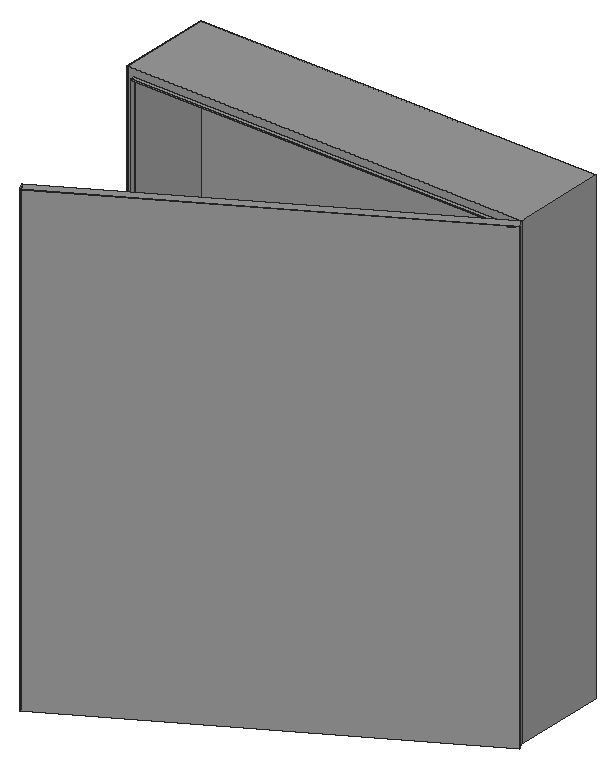
Revit family "Hager-Univers-IP54-D205-H950-Cl.I-Encl-NoHosted-CH-en", category Equipement électrique, Revit 2020
Family settings
  Configuration du panneau = Deux colonnes, circuits au sein
  Cote de connecteur circulaire = Utiliser le diamètre
  Type d'élément = Tableau de raccordement
  Basée sur le plan de construction = Oui
  Toujours verticalement = Oui
  Couper avec des vides une fois chargée = Non
  Partagée = Non
  Point de calcul de pièce = Non
Parameters (values of type "Surface mounted (plaster) IP54 W800 H950 D205  - FP63TW2")
  Width Control [instance] = if([EF000008 - Width] > Min Width, [EF000008 - Width], Min Width)  # 800 mm
  Commentaires du type = [HG000003 - Range]  # "Univers"
  Thickness Door [instance] = if([EF009171 - Material plate thickness door/cover] > 3 mm, 3 mm, [EF009171 - Material plate thickness door/cover])  # 1 mm
  Seal Frame Offset [instance] = 17 mm  # constant formula
  Plinth Visibility [instance] = [HG000027 - Plinth height] > 0 mm  # no
  Min Width [instance] = 100 mm  # constant formula
  Min Depth [instance] = (2 * [EF009170 - Material plate thickness cabinet]) + 1 mm  # 3 mm
  Min Height [instance] = 100 mm  # constant formula
  Internal Frame Depth [instance] = (Door System Depth * 0.5)  # 9 mm
  Panel Name [instance] = ""  # (empty or 0)
  Model = ""
  HG000027 - Plinth height = 0 mm
  HG000026 - Floor standing = no
  HG000024 - Bottom section height = 600 mm
  HG000023 - Double section enclosure = no
  HG000016 - Door 3d visibility [instance] = yes
  HG000015 - Clearance visibility [instance] = no
  HG000014 - Door on the right [instance] = yes
  HG000013 - Door on the left [instance] = not([HG000014 - Door on the right])  # no
  HG000012 - Door swing angle [instance] = 30.00°
  HG000010 - Asymmetric doors = no
  HG000009 - Double swing door = no
  HG000006 - Flush mounted = no
  HG000004 - Manufacturer reference = "FP63TW2"
  HG000003 - Range = "Univers"
  HG000002 - With door or cover = yes
  Frame Offset Bottom [instance] = 10 mm  # constant formula
  Frame Offset [instance] = 15 mm  # constant formula
  EF015940 - Cover with overpressure release = no
  EF011959 - Degree of protection (NEMA) = ""
  EF009554 - Number of openings for flange plates = 6
  EF009212 - Cover model = "EV000116 - Closed"
  EF009171 - Material plate thickness door/cover = 1 mm
  EF009170 - Material plate thickness cabinet = 1 mm
  EF008873 - Nominal current (In) = 250 A
  EF007800 - Suitable for lightning protection = no
  EF006306 - With lock = no
  EF006244 - Transparent cover/door = no
  EF005474 - Degree of protection (IP) = "EV006419 - IP54"
  EF004464 - Type of door = "EV002646 - Single"
  EF004427 - Number of modules = 216
  EF004293 - Impact strength = "EV006815 - IK09"
  EF003532 - Suitable for outdoor use = no
  EF002950 - Width in number of modular spacings = 36
  EF001613 - Circuit integrity = "EV000494 - None"
  EF001596 - Material housing = "EV000179 - Steel"
  EF001131 - Internal depth = 130 mm
  EF001088 - Extension possible = yes
  EF000437 - Number of conduit inlets = 6
  EF000339 - Type of cover = "EV001012 - Cover"
  EF000266 - Number of rows = 6
  EF000218 - Built-in depth = 205 mm
  EF000118 - With mounting plate = no
  EF000116 - RAL-number = "9010"
  EF000049 - Depth = 205 mm
  EF000040 - Height = 950 mm
  EF000008 - Width = 800 mm
  EF000007 - Colour = "EV000202 - White"
  EF000003 - Mounting method = "EV000384 - Surface mounted (plaster)"
  Door System Leaf Tolerance [instance] = 1.5 mm  # constant formula
  Door System Depth [instance] = 18 mm  # constant formula
  Door Height [instance] = Height Control - [HG000027 - Plinth height]  # 950 mm
  Description = ""
  Default Elevation = 1219.2 mm
  Connector Offset [instance] = Height Control / 2  # 475 mm
  Fabricant = "Hager"  # constant formula
  Height Control [instance] = if([EF000040 - Height] > Min Height, [EF000040 - Height], Min Height)  # 950 mm
  Depth Control [instance] = if([EF000049 - Depth] > Min Depth, [EF000049 - Depth], Min Depth)  # 205 mm
  Bottom Top Plate Trim [instance] = 1.5 mm  # constant formula
  Plinth height Ctrl [instance] = if([HG000027 - Plinth height] > 0 mm, [HG000027 - Plinth height], 12 mm)  # 12 mm
Types (5, lengths in mm): name | Width Control | HG000004 - Manufacturer reference | EF009554 - Number of openings for flange plates | EF004464 - Type of door | EF004427 - Number of modules | EF002950 - Width in number of modular spacings | EF000437 - Number of conduit inlets | EF000008 - Width
  Surface mounted (plaster) IP54 W1050 H950 D205  - FP64TW2 | 1050 | "FP64TW2" | 8 | "EV003602 - Double" | 288 | 48 | 8 | 1050
  Surface mounted (plaster) IP54 W1300 H950 D205  - FP65TW2 | 1300 | "FP65TW2" | 10 | "EV003602 - Double" | 360 | 60 | 10 | 1300
  Surface mounted (plaster) IP54 W300 H950 D205  - FP61TW2 | 300 | "FP61TW2" | 2 | "EV002646 - Single" | 72 | 12 | 2 | 300
  Surface mounted (plaster) IP54 W550 H950 D205  - FP62TW2 | 550 | "FP62TW2" | 4 | "EV002646 - Single" | 144 | 24 | 4 | 550
  Surface mounted (plaster) IP54 W800 H950 D205  - FP63TW2 | 800 | "FP63TW2" | 6 | "EV002646 - Single" | 216 | 36 | 6 | 800
Reference planes
  plane 1 "Center (Front/Back)": y = 0
  plane 2: z = 0
  plane 3 "Center (Left/Right)": x = 0
  plane 4: y = 0
  plane 5: y = 0
  plane 6: z = 0
  plane 7: x = -400
  plane 8: x = 400
  plane 9: x = 399
  plane 10: x = -399
  plane 11: z = 0
  plane 12: z = 1
  plane 13: y = -205
  plane 14: y = -1
  plane 15: x = 0
  plane 16: y = -187
  plane 17: y = -204
  plane 18: y = -186
  plane 19: x = -384
  plane 20: x = 384
  plane 21: z = 11
  plane 22: x = -383
  plane 23: x = 383
  plane 24: z = 0
  plane 25: z = 950
  plane 26: z = 950
  plane 27: z = 934
  plane 28: z = 949
Forms (mm)
  Extrusion 1, solid, material "Hager_Steel_RAL7035_Light_Grey", detail levels medium+fine
    sketch origin (-208.679, -4572, 0) x (-1, 0, 0) y (0, -1, 0)
      loop
        line (191.321, -4385) -> (-608.679, -4385) -> (-608.679, -4572) -> (191.321, -4572) -> (191.321, -4385)
    from 0 to 950
  Extrusion 2, void
    sketch origin (-350.771, -205, 1219.2) x (1, 0, 0) y (0, 0, 1)
      loop
        line (-48.229, -270.2) -> (-48.229, -1218.2) -> (749.771, -1218.2) -> (749.771, -270.2) -> (-48.229, -270.2)
    from -19 to -204
  Extrusion 3, void
    sketch origin (-290.084, -187, 1219.2) x (1, 0, 0) y (0, 0, 1)
      loop
        line (-93.916, -1208.2) -> (674.084, -1208.2) -> (674.084, -285.2) -> (-93.916, -285.2) -> (-93.916, -1208.2)
    from 0 to -1
  Extrusion 4, solid, material "Hager_Steel_RAL7035_Light_Grey", visible <- "Plinth Visibility", detail levels medium+fine
    sketch origin (0, 0, 0) x (1, 0, 0) y (0, 1, 0)
      loop
        line (-400, 0) -> (-400, -187) -> (400, -187) -> (400, 0) -> (-400, 0)
    from 0 to 12 <- "Plinth height Ctrl"
  Extrusion 5, solid, material "Hager_Steel_RAL7035_Light_Grey", detail levels coarse
    sketch origin (0, 0, 0) x (1, 0, 0) y (0, 1, 0)
      loop
        line (-400, 0) -> (-400, -205) -> (400, -205) -> (400, 0) -> (-400, 0)
    from 0 to 950 <- "Height Control"
  Sweep 6, void
    path in 3D
      loop
        line (-400, -187, 12) -> (400, -187, 12) -> (400, 0, 12) -> (-400, 0, 12) -> (-400, -187, 12)
    profile origin (-400, -93.5, 12) x (1, 0, 0) y (0, 0, 1)
      loop
        line (0, 0) -> (0, -1.5) -> (1.5, -1.5)
        arc (1.5, -1.5) -> (1.061, -0.439) -> (0, 0) r 1.5
  Extrusion 7, solid, material "Hager_Steel_RAL7035_Light_Grey", detail levels fine
    sketch origin (-400, -187, 0) x (1, 0, 0) y (0, 0, 1)
      loop
        line (16, 11) -> (784, 11) -> (784, 934) -> (16, 934) -> (16, 11)
      loop
        line (15, 10) -> (785, 10) -> (785, 935) -> (15, 935) -> (15, 10)
    from 0 to 9 <- "Internal Frame Depth"
Cuts and joins
  Extrusion 2, Extrusion 3 cuts Extrusion 1
  Sweep 6 cuts Extrusion 4
Lines and regions (mm)
  Masking region 1
    outline origin (0, 0, 0) x (1, 0, 0) y (0, 1, 0)
      loop
        line (-400, 0) -> (-400, -205) -> (400, -205) -> (400, 0) -> (-400, 0)
  Masking region 2, detail levels coarse
    outline origin (-290.084, -187, 1219.2) x (-1, 0, 0) y (0, 0, 1)
      loop
        line (-690.084, -1219.2) -> (109.916, -1219.2) -> (109.916, -269.2) -> (-690.084, -269.2) -> (-690.084, -1219.2)
  Masking region 3, detail levels coarse
    outline origin (0, 0, 0) x (0, 1, 0) y (0, 0, 1)
      loop
        line (0, 0) -> (0, 950) -> (-205, 950) -> (-205, 0) -> (0, 0)
  Masking region 4, visible <- "Plinth Visibility", detail levels medium+fine
    outline origin (0, 0, 0) x (0, 1, 0) y (0, 0, 1)
      loop
        line (-1.5, 12) -> (-185.5, 12)
        arc (-185.5, 12) -> (-185.939, 10.939) -> (-187, 10.5) r 1.5
        line (-187, 10.5) -> (-187, 0) -> (0, 0) -> (0, 10.5)
        arc (0, 10.5) -> (-1.061, 10.939) -> (-1.5, 12) r 1.5
  Masking region 5, detail levels medium+fine
    outline origin (0, 0, 594.038) x (0, 1, 0) y (0, 0, 1)
      loop
        line (0, -594.038) -> (0, 355.962) -> (-187, 355.962) -> (-187, -594.038) -> (0, -594.038)
  Masking region 6, detail levels medium+fine
    outline origin (-359.7, -187, 1211.883) x (-1, 0, 0) y (0, 0, 1)
      loop
        line (-759.7, -1211.883) -> (40.3, -1211.883) -> (40.3, -261.883) -> (-759.7, -261.883) -> (-759.7, -1211.883)
  Masking region 7, visible <- "Plinth Visibility", detail levels medium+fine
    outline origin (-320.334, -187, 1041.368) x (-1, 0, 0) y (0, 0, 1)
      loop
        line (-720.334, -1041.368) -> (79.666, -1041.368) -> (79.666, -1030.868)
        arc (79.666, -1030.868) -> (78.606, -1030.429) -> (78.166, -1029.368) r 1.5
        line (78.166, -1029.368) -> (-718.834, -1029.368)
        arc (-718.834, -1029.368) -> (-719.273, -1030.429) -> (-720.334, -1030.868) r 1.5
        line (-720.334, -1030.868) -> (-720.334, -1041.368)
  sketch lines
    curve 1: line (-400, 0, 12) -> (-400, -187, 12)
    curve 2: line (-400, -187, 12) -> (400, -187, 12)
    curve 3: line (400, 0, 12) -> (-400, 0, 12)
    curve 4: line (400, -187, 12) -> (400, 0, 12)
Dimensions and locks
  locked: plane 1 "Center (Front/Back)" to plane 5
  "EF009170 - Material plate thickness cabinet": plane 7 to plane 10
  "EF009170 - Material plate thickness cabinet": plane 8 to plane 9
  equal spacing: plane 7, plane 3 "Center (Left/Right)", plane 8
  "Width Control": plane 7 to plane 8
  "Depth Control": plane 4 to plane 13
  "EF009170 - Material plate thickness cabinet": plane 4 to plane 14
  "Height Control": plane 25 to level
  "HG000027 - Plinth height": plane 11 to level
  "EF009170 - Material plate thickness cabinet": plane 12 to plane 11
  "EF009170 - Material plate thickness cabinet": plane 17 to plane 13
  "EF009170 - Material plate thickness cabinet": plane 18 to plane 16
  "Frame Offset Bottom": plane 21 to plane 12
  "Frame Offset": plane 10 to plane 19
  "Frame Offset": plane 9 to plane 20
  "Door System Depth": plane 16 to plane 13
  "Seal Frame Offset": plane 7 to plane 22
  "Seal Frame Offset": plane 8 to plane 23
  "EF009170 - Material plate thickness cabinet": plane 26 to plane 28
  "Frame Offset": plane 28 to plane 27
  "Connector Offset": plane 2 to connector elem
  "Bottom Top Plate Trim": profile plane to Sweep 6 sketch curve
  "Bottom Top Plate Trim": Sweep 6 sketch curve to Sweep 6 sketch curve
  "Plinth height Ctrl": Masking region 4 sketch curve to level
  "Plinth height Ctrl": Masking region 7 sketch curve to level
  "Thickness Door": Extrusion 7 sketch curve to Extrusion 7 sketch curve  (x4)
  "Bottom Top Plate Trim": radius of Sweep 6 sketch curve
  "Bottom Top Plate Trim": radius of Masking region 4 sketch curve  (x2)
  "Bottom Top Plate Trim": radius of Masking region 7 sketch curve  (x2)
  aligned and locked: Extrusion 2 sketch curve to plane 12
  aligned and locked: Extrusion 2 sketch curve to plane 9
  aligned and locked: Extrusion 2 sketch curve to plane 10
  aligned and locked: Extrusion 2 to plane 14
  aligned and locked: Extrusion 1 sketch curve to plane 4
  aligned and locked: plane 8 to Extrusion 1 sketch curve
  aligned and locked: plane 7 to Extrusion 1 sketch curve
  aligned and locked: Extrusion 2 to plane 18
  aligned and locked: Extrusion 3 sketch curve to plane 19
  aligned and locked: plane 20 to Extrusion 3 sketch curve
  aligned and locked: Extrusion 3 to Extrusion 2
  aligned and locked: Extrusion 3 sketch curve to plane 21
  aligned and locked: plane 3 "Center (Left/Right)" to nested 1
  aligned and locked: Extrusion 1 sketch curve to plane 16
  aligned and locked: Extrusion 4 sketch curve to cut or joined group of Extrusion 1, Extrusion 2, Extrusion 3
  aligned and locked: Masking region 1 sketch curve to plane 7
  aligned and locked: Masking region 1 sketch curve to plane 5
  aligned and locked: Masking region 1 sketch curve to plane 8
  aligned and locked: Masking region 2 sketch curve to level
  aligned and locked: level to Masking region 3 sketch curve
  aligned and locked: plane 1 "Center (Front/Back)" to Masking region 3 sketch curve
  aligned and locked: plane 13 to Masking region 3 sketch curve
  aligned and locked: plane 5 to Masking region 4 sketch curve
  aligned and locked: Masking region 2 sketch curve to plane 8
  aligned and locked: Masking region 2 sketch curve to plane 7
  aligned and locked: plane 7 to nested 2
  aligned and locked: nested 2 to plane 5
  aligned and locked: plane 5 to Masking region 5 sketch curve
  aligned and locked: plane 26 to Masking region 5 sketch curve
  aligned and locked: Extrusion 5 sketch curve to plane 8
  aligned and locked: Extrusion 5 sketch curve to plane 7
  aligned and locked: Extrusion 5 sketch curve to plane 5
  aligned and locked: Extrusion 3 sketch curve to plane 27
  aligned and locked: Extrusion 2 sketch curve to plane 28
  aligned and locked: Masking region 2 to plane 25
  aligned and locked: Extrusion 4 to plane 16
  aligned and locked: profile plane to Sweep 6 sketch curve
  aligned and locked: Masking region 5 sketch curve to plane 24
  aligned and locked: level to Masking region 4 sketch curve
  aligned and locked: Masking region 1 to plane 13
  aligned and locked: nested 1 to plane 16
  aligned and locked: Masking region 3 to plane 25
  aligned and locked: plane 16 to Masking region 4 sketch curve
  aligned and locked: Masking region 5 sketch curve to plane 16
  aligned and locked: plane 24 to plane 11
  aligned and locked: plane 26 to plane 25
  aligned and locked: plane 26 to cut or joined group of Extrusion 1, Extrusion 2, Extrusion 3
  aligned and locked: nested 1 to plane 24
  aligned and locked: Extrusion 1 to Extrusion 3
  aligned and locked: Masking region 6 sketch curve to plane 8
  aligned and locked: Masking region 6 sketch curve to plane 24
  aligned and locked: Masking region 6 sketch curve to plane 7
  aligned and locked: Masking region 6 sketch curve to plane 26
  aligned and locked: Masking region 7 sketch curve to plane 7
  aligned and locked: level to Masking region 7 sketch curve
  aligned and locked: Masking region 7 sketch curve to plane 8
  aligned and locked: Extrusion 7 sketch curve to cut or joined group of Extrusion 1, Extrusion 2, Extrusion 3  (x4)
Automatic sketch dimensions
  plane 19 to Extrusion 3 sketch curve = 0 mm
  Extrusion 3 sketch curve to plane 20 = 0 mm
  Extrusion 3 sketch curve to plane 21 = 0 mm
  Extrusion 4 sketch curve to plane 7 = 0 mm
  Extrusion 4 sketch curve to plane 8 = 0 mm
  Extrusion 4 sketch curve to plane 16 = 0 mm
  Masking region 1 sketch curve to plane 13 = 0 mm
  Masking region 2 sketch curve to plane 25 = 0 mm
  Masking region 3 sketch curve to plane 25 = 0 mm
  Extrusion 5 sketch curve to plane 13 = 0 mm
  profile plane to Sweep 6 sketch curve = 0 mm
Nested families
  nested 1: "EC000058_Univers_Door" at (0, -187, 0), Double <- "HG000009 - Double swing door", Transparent <- "EF006244 - Transparent cover/door", Angle <- "HG000012 - Door swing angle", Door_Right <- "HG000014 - Door on the right", Assymetrical <- "HG000010 - Asymmetric doors", Door <- "HG000002 - With door or cover", Width_Ctrl <- "Width Control", 3d_Door <- "HG000016 - Door 3d visibility", Clearance <- "HG000015 - Clearance visibility", Door_Left <- "HG000013 - Door on the left", Width <- "Width Control", Door_Depth <- "Door System Depth", Leaf_Tolerance <- "Door System Leaf Tolerance", Height <- "Door Height", Lock_Visibility <- "EF006306 - With lock", Thickness <- "Thickness Door", type "EC000058_Univers_Door", detail levels medium+fine
    with min_wh 3 mm, Width_Ctrl 800 mm, Width 800 mm, Transparent no, Thickness 1 mm, Seal_Material Hager_Rubber, Lock_Visibility no, Lock_Material Hager_Plastic_RAL9005_Jet_Black, Leaf_Width 800 mm, Leaf_Tolerance_External_Sides 0 mm, Leaf_Tolerance 1.5 mm, Leaf_Offset 0 mm, Leaf_Height 947 mm, Leaf_2_Width 800 mm, Leaf_2_Offset 400 mm, Leaf_1_Width 800 mm, Leaf_1_Offset 400 mm, Height_Ctrl 950 mm, Height 950 mm, Glass_Material Hager_Glass, Double_Clearance_Ctrl no, Double no, Door_Right_Ctrl yes, Door_Right yes, Door_Material Hager_Steel_RAL7035_Light_Grey, Door_Left_Ctrl no, Door_Left no, Door_Depth 18 mm, Door yes, Clearance_Material Hager_Clearance, Clearance_Depth 800 mm, Clearance_Ctrl no, Clearance no, Assymetrical no, Angle 30.00°, 3d_Door yes
  nested 2: "Hager_Enclosure_Symbol" at (-400, 0, 0), Height <- "Depth Control", Width <- "Width Control", type "Hager_Enclosure_Symbol"
    with Width_Ctrl 800 mm, Width 800 mm, Height_Ctrl 205 mm, Height 205 mm, A_Width_Int 13.453 mm, A_Width 161.438 mm, A_Height_Ctrl 179.375 mm, A_Height 179.375 mm
Connectors
  electrical at (0, 0, 475)
    settings: on plane 1 "Center (Front/Back)", index 1, voltage 0 V, apparent load 0 VA, apparent load phase1 0 VA, apparent load phase2 0 VA, apparent load phase3 0 VA, power factor 1, load classification "Other", number of poles 1, system type 30, power factor state 1, is connector primary yes, connector utility no, sub classification motor no, connector description ""
Definition of nested family "EC000058_Univers_Door"
  Parameters (values of type "EC000058_Univers_Door")
    min_wh [instance] = (2 * Thickness) + 1 mm  # 11 mm
    Width_Ctrl [instance] = 400 mm
    Width [instance] = 500 mm
    Transparent [instance] = yes
    Thickness [instance] = 5 mm
    Seal_Material [instance] = none
    Lock_Visibility [instance] = yes
    Lock_Material [instance] = none
    Leaf_Width [instance] = if((Width_Ctrl - 2 * Leaf_Tolerance_External_Sides) > 0 mm, (Width_Ctrl - 2 * Leaf_Tolerance_External_Sides), min_wh)  # 400 mm
    Leaf_Tolerance_External_Sides [instance] = 0 mm  # constant formula
    Leaf_Tolerance [instance] = 1.5 mm
    Leaf_Offset [instance] = 0 mm  # constant formula
    Leaf_Height [instance] = if((Height_Ctrl - 2 * Leaf_Tolerance) > 0 mm, (Height_Ctrl - 2 * Leaf_Tolerance), min_wh)  # 497 mm
    Leaf_2_Width [instance] = if(and(and(Double, Assymetrical), Door_Left), (Leaf_Width / 3) - (Leaf_Tolerance / 2), if(and(and(Double, Assymetrical), Door_Right), (Leaf_Width / 3) * 2 - (Leaf_Tolerance / 2), if(and(Double, not(Assymetrical)), (Leaf_Width / 2) - Leaf_Tolerance, Leaf_Width)))  # 400 mm
    Leaf_2_Offset [instance] = if(and(Double, Assymetrical), Leaf_2_Width / 2, if(and(Double, not(Assymetrical)), Leaf_Width / 4, Leaf_Width / 2))  # 200 mm
    Leaf_1_Width [instance] = if(and(and(Double, Assymetrical), Door_Right), (Leaf_Width / 3) - (Leaf_Tolerance / 2), if(and(and(Double, Assymetrical), Door_Left), (Width / 3) * 2 - (Leaf_Tolerance / 2), if(and(Double, not(Assymetrical)), (Leaf_Width / 2) - Leaf_Tolerance, Leaf_Width)))  # 400 mm
    Leaf_1_Offset [instance] = if(and(Double, Assymetrical), Leaf_1_Width / 2, if(and(Double, not(Assymetrical)), Leaf_Width / 4, Leaf_Width / 2))  # 200 mm
    Height_Ctrl [instance] = if(Height > min_wh, Height, min_wh)  # 500 mm
    Height [instance] = 500 mm
    Glass_Material [instance] = none
    Double_Clearance_Ctrl [instance] = and(Double, Clearance)  # no
    Double [instance] = no
    Door_Right_Ctrl [instance] = and(or(Door_Right, Double), Door)  # yes
    Door_Right [instance] = yes
    Door_Material [instance] = none
    Door_Left_Ctrl [instance] = and(or(Door_Left, Double), Door)  # no
    Door_Left [instance] = no
    Door_Depth [instance] = 30 mm
    Door [instance] = yes
    Default Elevation = 1219.2 mm
    Clearance_Material [instance] = none
    Clearance_Depth [instance] = if(Leaf_1_Width > Leaf_2_Width, Leaf_1_Width, Leaf_2_Width)  # 400 mm
    Clearance_Ctrl [instance] = and(not(Double), Clearance)  # yes
    Clearance [instance] = yes
    Assymetrical [instance] = yes
    Angle [instance] = 30.00°
    3d_Door [instance] = yes
  Reference planes
    plane 1 "Center (Front/Back)": y = 0
    plane 2 "Bottom": z = 0
    plane 3 "Center (Left/Right)": x = 0
    plane 4: z = 500
    plane 5: x = -200
    plane 6: x = 200
    plane 7: z = 500
    plane 8: x = -200
    plane 9: z = 0
    plane 10: x = 200
    plane 11: y = 0
    plane 12: z = 1.5
    plane 13: x = -600
    plane 14: y = -400
    plane 15: x = 600
    plane 16: x = 0
    plane 17: x = 0
    plane 18: x = -200
    plane 19: x = 200
    plane 20: z = 498.5
  Forms (mm)
    Extrusion 1, solid, material <- "Clearance_Material", visible <- "Double_Clearance_Ctrl"
      sketch origin (1200, 0, 0) x (1, 0, 0) y (0, 0, -1)
        loop
          line (-1800, -498.5) -> (-600, -498.5) -> (-600, 0) -> (-1800, 0) -> (-1800, -498.5)
      from 0 to -400
  Dimensions and locks
    equal spacing: plane 5, plane 3 "Center (Left/Right)", plane 6
    "Width_Ctrl": plane 5 to plane 6
    "Leaf_Offset": plane 5 to plane 8
    "Leaf_Offset": plane 6 to plane 10
    "Leaf_Offset": plane 9 to level
    "Leaf_Offset": plane 4 to plane 7
    "Height_Ctrl": plane 4 to level
    "Leaf_Tolerance": plane 12 to plane 9
    locked: plane 11 to plane 1 "Center (Front/Back)"
    "Leaf_1_Offset": plane 18 to plane 16
    "Leaf_2_Offset": plane 17 to plane 19
    "Leaf_1_Width": plane 13 to plane 8
    "Leaf_2_Width": plane 10 to plane 15
    "Clearance_Depth": plane 14 to plane 1 "Center (Front/Back)"
    "Leaf_Tolerance_External_Sides": plane 8 to plane 18
    "Leaf_Tolerance_External_Sides": plane 19 to plane 10
    "Leaf_Tolerance": plane 7 to plane 20
    aligned and locked: level to plane 2 "Bottom"
    aligned and locked: nested 1 to plane 16
    aligned and locked: nested 2 to plane 17
    aligned and locked: Extrusion 1 to plane 13
    aligned and locked: plane 15 to Extrusion 1
    aligned and locked: Extrusion 1 to plane 14
    aligned and locked: plane 12 to nested 1
    aligned and locked: nested 2 to plane 12
    aligned and locked: Extrusion 1 to plane 11
    aligned and locked: plane 20 to Extrusion 1
    aligned and locked: nested 2 to plane 11
    aligned and locked: nested 1 to plane 11
  Automatic sketch dimensions
    Extrusion 1 sketch curve to level = 0 mm
    plane 5 to Extrusion 1 sketch curve = 400 mm
    plane 6 to Extrusion 1 sketch curve = 400 mm
    Extrusion 1 sketch curve to plane 4 = 1.5 mm
  Nested families
    nested 1: "EC000058_Univers_Door_Leaf" at (0, 0, 1.5), Width <- "Leaf_1_Width", visible <- "Door_Left_Ctrl", Leaf_Height <- "Leaf_Height", Angle <- "Angle", 3d_Door <- "3d_Door", Transparent <- "Transparent", Clearance Material <- "Clearance_Material", Clearance <- "Clearance_Ctrl", Door_Material <- "Door_Material", Glass_Material <- "Glass_Material", Door_Depth <- "Door_Depth", Lock_Material <- "Lock_Material", Seal_Material <- "Seal_Material", Lock_Visibility <- "Lock_Visibility", Thickness <- "Thickness", type "EC000058_Univers_Door_Leaf"
      with Width 400 mm, Transparent_Glass_Offset 30 mm, Transparent_Ctrl yes, Transparent yes, Thickness 5 mm, Standard no, Seal_Material none, Seal_D2 8 mm, Seal_D1 1 mm, Offset_Internal_Frame 10 mm, Lock_Width 20 mm, Lock_Visibility_3d yes, Lock_Visibility yes, Lock_Thickness_3 3 mm, Lock_Thickness_2 1 mm, Lock_Thickness_1 3 mm, Lock_Radius_Offset_2 16 mm, Lock_Radius_Offset_1 15 mm, Lock_Radius_2 5 mm, Lock_Radius 6 mm, Lock_Offset 5 mm, Lock_Material none, Lock_Height 80 mm, Lock_Cover_Top_Offset_2d 17 mm, Lock_Cover_Height -65 mm, Leaf_Height 497 mm, Internal_Seal_Thickness 8 mm, Internal_Seal_Depth_2 4.5 mm, Internal_Frame_Depth 25 mm, Glass_Thickness -1 mm, Glass_Offset -2 mm, Glass_Material none, Door_Material none, Door_Depth 30 mm, Clearance Material none, Clearance yes, Angle_Ctrl 30.00°, Angle 30.00°, 3d_Door yes
    nested 2: "EC000058_Univers_Door_Leaf" at (0, 0, 1.5) x (-1, 0, 0) z (0, 0, 1), Width <- "Leaf_2_Width", visible <- "Door_Right_Ctrl", Leaf_Height <- "Leaf_Height", Angle <- "Angle", 3d_Door <- "3d_Door", Transparent <- "Transparent", Clearance Material <- "Clearance_Material", Clearance <- "Clearance_Ctrl", Door_Material <- "Door_Material", Glass_Material <- "Glass_Material", Door_Depth <- "Door_Depth", Lock_Material <- "Lock_Material", Seal_Material <- "Seal_Material", Lock_Visibility <- "Lock_Visibility", Thickness <- "Thickness", type "EC000058_Univers_Door_Leaf"
      with Width 400 mm, Transparent_Glass_Offset 30 mm, Transparent_Ctrl yes, Transparent yes, Thickness 5 mm, Standard no, Seal_Material none, Seal_D2 8 mm, Seal_D1 1 mm, Offset_Internal_Frame 10 mm, Lock_Width 20 mm, Lock_Visibility_3d yes, Lock_Visibility yes, Lock_Thickness_3 3 mm, Lock_Thickness_2 1 mm, Lock_Thickness_1 3 mm, Lock_Radius_Offset_2 16 mm, Lock_Radius_Offset_1 15 mm, Lock_Radius_2 5 mm, Lock_Radius 6 mm, Lock_Offset 5 mm, Lock_Material none, Lock_Height 80 mm, Lock_Cover_Top_Offset_2d 17 mm, Lock_Cover_Height -65 mm, Leaf_Height 497 mm, Internal_Seal_Thickness 8 mm, Internal_Seal_Depth_2 4.5 mm, Internal_Frame_Depth 25 mm, Glass_Thickness -1 mm, Glass_Offset -2 mm, Glass_Material none, Door_Material none, Door_Depth 30 mm, Clearance Material none, Clearance yes, Angle_Ctrl 30.00°, Angle 30.00°, 3d_Door yes
  Definition of nested family "EC000058_Univers_Door_Leaf"
    Parameters (values of type "EC000058_Univers_Door_Leaf")
      Width [instance] = 2000 mm
      Transparent_Glass_Offset [instance] = 30 mm
      Transparent_Ctrl [instance] = and(Transparent, [3d_Door])  # yes
      Transparent [instance] = yes
      Thickness [instance] = 5 mm
      Standard [instance] = and(not(Transparent), [3d_Door])  # no
      Seal_Material [instance] = none
      Seal_D2 [instance] = 8 mm  # constant formula
      Seal_D1 [instance] = 1 mm  # constant formula
      Offset_Internal_Frame [instance] = 10 mm  # constant formula
      Lock_Width [instance] = 20 mm  # constant formula
      Lock_Visibility_3d [instance] = and(Lock_Visibility, [3d_Door])  # yes
      Lock_Visibility [instance] = yes
      Lock_Thickness_3 [instance] = 3 mm  # constant formula
      Lock_Thickness_2 [instance] = 1 mm  # constant formula
      Lock_Thickness_1 [instance] = 3 mm  # constant formula
      Lock_Radius_Offset_2 [instance] = Lock_Radius_Offset_1 + 1 mm  # 16 mm
      Lock_Radius_Offset_1 [instance] = 15 mm  # constant formula
      Lock_Radius_2 [instance] = Lock_Radius - 1 mm  # 5 mm
      Lock_Radius [instance] = 6 mm  # constant formula
      Lock_Offset [instance] = 5 mm  # constant formula
      Lock_Material [instance] = none
      Lock_Height [instance] = 80 mm  # constant formula
      Lock_Cover_Top_Offset_2d [instance] = Lock_Radius_Offset_2 + 1 mm  # 17 mm
      Lock_Cover_Height [instance] = -(Lock_Height - Lock_Radius_Offset_1)  # -65 mm
      Leaf_Height [instance] = 2720.336 mm
      Internal_Seal_Thickness [instance] = 8 mm  # constant formula
      Internal_Seal_Depth_2 [instance] = 4.5 mm  # constant formula
      Internal_Frame_Depth [instance] = if(Door_Depth - Thickness > 5 mm, Door_Depth - Thickness, 5 mm)  # 25 mm
      Glass_Thickness [instance] = if(Thickness > 15 mm, Glass_Offset + 10 mm, -1 mm)  # -1 mm
      Glass_Offset [instance] = if(Thickness > 15 mm, -(Thickness + 10 mm) / 2, -2 mm)  # -2 mm
      Glass_Material [instance] = none
      Door_Material [instance] = none
      Door_Depth [instance] = 30 mm
      Default Elevation = 0 mm
      Clearance Material [instance] = none
      Clearance [instance] = yes
      Angle_Ctrl [instance] = if(Angle > 180.00°, 180.00°, Angle)  # 90.00°
      Angle [instance] = 90.00°
      3d_Door [instance] = yes
    Reference planes
      plane 1 "Center (Front/Back)": y = 0
      plane 2: z = 0
      plane 3 "Center (Left/Right)": x = 0
      plane 4: y = 2000
      plane 5: x = -1000
      plane 6: x = 1000
      plane 7: x = -3000
      plane 8: z = 2720.336
      plane 9: z = 30
      plane 10: z = 2690.336
      plane 11: x = 970
      plane 12: x = -970
      plane 13: y = -3
      plane 14: z = 107.833
      plane 15: y = -5
      plane 16: y = -223.314
      plane 17: x = -1000
      plane 18: z = 1360.168
      plane 19: y = 30
    Forms (mm)
      Extrusion 1, solid, material <- "Clearance Material", visible <- "Clearance"
        sketch origin (0, 0, 0) x (1, 0, 0) y (0, 0, 1)
          loop
            line (-3000, 2720.336) -> (-3000, 0) -> (1000, 0) -> (1000, 2720.336) -> (-3000, 2720.336)
        from 0 to -2000
      Extrusion 2, solid, material <- "Door_Material", visible <- "Standard", detail levels medium+fine
        sketch origin (-1000, 0, 0) x (0, 1, 0) y (-1, 0, 0)
          loop
            line (0, 30) -> (0, 25) -> (2000, 25) -> (2000, 30) -> (0, 30)
        from 0 to 2720.336 <- "Leaf_Height"
      Extrusion 3, solid, material <- "Door_Material", visible <- "Transparent_Ctrl", detail levels medium+fine
        sketch origin (-1000, 0, 0) x (0, 1, 0) y (-1, 0, 0)
          loop
            line (0, 25) -> (2000, 25) -> (2000, 30) -> (0, 30) -> (0, 25)
        from 0 to 2720.336 <- "Leaf_Height"
      Extrusion 4, void
        sketch origin (-1025, 2000, 0) x (0, 1, 0) y (0, 0, -1)
          loop
            line (-30, -2690.336) -> (-30, -30) -> (-1970, -30) -> (-1970, -2690.336) -> (-30, -2690.336)
        from 0 to 5 <- "Thickness"
      Sweep 5, solid, material <- "Seal_Material", visible <- "Transparent_Ctrl", detail levels fine
        path in 3D
          loop
            line (-1025, 30, 30) -> (-1025, 30, 2690.336) -> (-1025, 1970, 2690.336) -> (-1025, 1970, 30) -> (-1025, 30, 30)
        profile origin (-1025, 1000, 30) x (1, 0, 0) y (0, 0, 1)
          loop
            line (0, 0) -> (0, -8) -> (1, -8) -> (1, 0) -> (0, 0)
      Extrusion 6, solid, material <- "Glass_Material", visible <- "Transparent_Ctrl", detail levels medium+fine
        sketch origin (-1030, 0, 0) x (0, 1, 0) y (0, 0, -1)
          loop
            line (1970, -2690.336) -> (1970, -30) -> (30, -30) -> (30, -2690.336) -> (1970, -2690.336)
        from -2 <- "Glass_Offset" to -1 <- "Glass_Thickness"
      Extrusion 7, solid, material <- "Door_Material", visible <- "3d_Door", detail levels medium+fine
        sketch origin (-1025, 2000, 0) x (0, -1, 0) y (0, 0, -1)
          loop
            line (0, -2720.336) -> (2000, -2720.336) -> (2000, 0) -> (0, 0) -> (0, -2720.336)
          loop
            line (1995, -5) -> (5, -5) -> (5, -2715.336) -> (1995, -2715.336) -> (1995, -5)
        from 0 to 25 <- "Internal_Frame_Depth"
      Sweep 8, solid, material <- "Seal_Material", visible <- "Transparent_Ctrl", detail levels fine
        path in 3D
          loop
            line (-1025, 0, 0) -> (-1025, 2000, 0) -> (-1025, 2000, 2720.336) -> (-1025, 0, 2720.336) -> (-1025, 0, 0)
        profile origin (-1025, 0, 1360.168) x (1, 0, 0) y (0, 1, 0)
          loop
            line (0, 10) -> (2.975, 10)
            arc (2.975, 10) -> (4.053, 10.447) -> (4.5, 11.525) r 1.525
            line (4.5, 11.525) -> (4.5, 16.527)
            arc (4.5, 16.527) -> (4.069, 17.569) -> (3.027, 18) r 1.473
            line (3.027, 18) -> (0, 18) -> (0, 10)
      Extrusion 9, solid, material <- "Lock_Material", visible <- "Lock_Visibility_3d", detail levels fine
        sketch origin (-1030, 0, 0) x (0, 1, 0) y (0, 0, -1)
          loop
            arc (1993.5, -1400.168) -> (1994.561, -1399.729) -> (1995, -1398.668) r 1.5
            line (1995, -1398.668) -> (1995, -1320.168) -> (1975, -1320.168) -> (1975, -1398.668)
            arc (1975, -1398.668) -> (1975.439, -1399.729) -> (1976.5, -1400.168) r 1.5
            line (1976.5, -1400.168) -> (1993.5, -1400.168)
        from 3 <- "Lock_Thickness_1" to 0
      Blend 10, solid, material <- "Lock_Material", visible <- "Lock_Visibility_3d", detail levels fine
        base sketch origin (-1033, 0, 0) x (0, 1, 0) y (0, 0, -1)
          loop
            line (1975, -1320.168) -> (1975, -1398.668)
            arc (1975, -1398.668) -> (1975.439, -1399.729) -> (1976.5, -1400.168) r 1.5
            line (1976.5, -1400.168) -> (1993.5, -1400.168)
            arc (1993.5, -1400.168) -> (1994.561, -1399.729) -> (1995, -1398.668) r 1.5
            line (1995, -1398.668) -> (1995, -1320.168) -> (1975, -1320.168)
        top sketch origin (-1033, 0, 0) x (0, 1, 0) y (0, 0, -1)
          loop
            line (1976, -1320.168) -> (1976, -1398.668)
            arc (1976, -1398.668) -> (1976.146, -1399.022) -> (1976.5, -1399.168) r 0.5
            line (1976.5, -1399.168) -> (1993.5, -1399.168)
            arc (1993.5, -1399.168) -> (1993.854, -1399.022) -> (1994, -1398.668) r 0.5
            line (1994, -1398.668) -> (1994, -1320.168) -> (1976, -1320.168)
        from 0 to 1 <- "Lock_Thickness_2"
      Blend 11, solid, material <- "Lock_Material", visible <- "Lock_Visibility_3d", detail levels fine
        base sketch origin (-1034, 0, 0) x (0, 1, 0) y (0, 0, -1)
          loop
            line (1978, -1320.168) -> (1978, -1384.168)
            arc (1978, -1384.168) -> (1985, -1391.168) -> (1992, -1384.168) r 7
            line (1992, -1384.168) -> (1992, -1320.168) -> (1978, -1320.168)
        top sketch origin (-1034, 0, 0) x (0, 1, 0) y (0, 0, -1)
          loop
            line (1991, -1320.168) -> (1979, -1320.168) -> (1979, -1383.168)
            arc (1979, -1383.168) -> (1985, -1389.168) -> (1991, -1383.168) r 6
            line (1991, -1383.168) -> (1991, -1320.168)
        from 0 to 3 <- "Lock_Thickness_3"
      Extrusion 12, solid, material <- "Lock_Material", visible <- "Lock_Visibility_3d", detail levels fine
        sketch origin (-1030, 1975, 1320.168) x (1, 0, 0) y (0, -1, 0)
          loop
            line (-7, -19) -> (-7, -1) -> (0, -1) -> (0, 0) -> (-8, 0) -> (-8, -20) -> (0, -20) -> (0, -19) -> (-7, -19)
        from 0 to -65 <- "Lock_Cover_Height"
      Extrusion 13, void
        sketch origin (-1038, 1995, 1320.168) x (-1, 0, 0) y (0, 0, -1)
          loop
            line (-5, -65) -> (0, -65) -> (-5, -60) -> (-5, -65)
        from 0 to 20 <- "Lock_Width"
      Extrusion 14, void
        sketch origin (-1038, 1975, 1320.168) x (0, -1, 0) y (0, 0, -1)
          loop
            circle (-10, -15.995) r 6
          loop
            circle (-10, -15.995) r 5
        from 0 to 2
      Extrusion 15, solid, material <- "Lock_Material", visible <- "Lock_Visibility_3d", detail levels medium
        sketch origin (-1030, 0, 0) x (0, 1, 0) y (0, 0, -1)
          loop
            arc (1993.5, -1400.168) -> (1994.561, -1399.729) -> (1995, -1398.668) r 1.5
            line (1995, -1398.668) -> (1995, -1320.168) -> (1975, -1320.168) -> (1975, -1398.668)
            arc (1975, -1398.668) -> (1975.439, -1399.729) -> (1976.5, -1400.168) r 1.5
            line (1976.5, -1400.168) -> (1993.5, -1400.168)
        from 8 to 0
    Cuts and joins
      Extrusion 4 cuts Extrusion 3
      Extrusion 13, Extrusion 14 cuts Extrusion 9
      Extrusion 14 cuts Blend 11
      Extrusion 13, Extrusion 14 cuts Extrusion 12
      joined: Extrusion 9, Blend 10, Blend 11, Extrusion 12
      Extrusion 14 cuts Extrusion 15
    Lines and regions (mm)
      Masking region 1, visible <- "Lock_Visibility", detail levels fine
        outline origin (0, 0, 0) x (0, 1, 0) y (0, 0, 1)
          loop
            line (30, 1320.168) -> (33, 1320.168) -> (33, 1400.168) -> (30, 1400.168) -> (30, 1320.168)
      Masking region 2, visible <- "Lock_Visibility", detail levels fine
        outline origin (0, 3.143, 0) x (0, 1, 0) y (0, 0, 1)
          loop
            line (29.857, 1354.168) -> (30.857, 1354.168) -> (30.857, 1366.168) -> (29.857, 1366.168) -> (29.857, 1354.168)
      Masking region 3, detail levels medium+fine
        outline origin (0, 0, 0) x (0, 1, 0) y (0, 0, 1)
          loop
            line (0, 0) -> (30, 0) -> (30, 2720.336) -> (0, 2720.336) -> (0, 0)
      Masking region 4, detail levels medium+fine
        outline origin (0, 0, 0) x (1, 0, 0) y (0, 0, 1)
          loop
            line (-1000, 2720.336) -> (-1000, 0) -> (1000, 0) -> (1000, 2720.336) -> (-1000, 2720.336)
      Masking region 5, visible <- "Lock_Visibility", detail levels fine
        outline origin (-47.116, 0, 0) x (1, 0, 0) y (0, 0, 1)
          loop
            arc (1024.616, 1399.168) -> (1023.556, 1398.729) -> (1023.116, 1397.668) r 1.5
            line (1023.116, 1397.668) -> (1023.116, 1320.168) -> (1041.116, 1320.168) -> (1041.116, 1397.668)
            arc (1041.116, 1397.668) -> (1040.677, 1398.729) -> (1039.616, 1399.168) r 1.5
            line (1039.616, 1399.168) -> (1024.616, 1399.168)
      Masking region 6, visible <- "Lock_Visibility", detail levels medium+fine
        outline origin (-25, 0, 0) x (1, 0, 0) y (0, 0, 1)
          loop
            arc (1001.5, 1400.168) -> (1000.439, 1399.729) -> (1000, 1398.668) r 1.5
            line (1000, 1398.668) -> (1000, 1320.168) -> (1020, 1320.168) -> (1020, 1398.668)
            arc (1020, 1398.668) -> (1019.561, 1399.729) -> (1018.5, 1400.168) r 1.5
            line (1018.5, 1400.168) -> (1001.5, 1400.168)
      Masking region 7, visible <- "Lock_Visibility", detail levels fine
        outline origin (-73.735, 0, 0) x (1, 0, 0) y (0, 0, 1)
          loop
            line (1051.735, 1382.168) -> (1065.735, 1382.168) -> (1065.735, 1384.168)
            arc (1065.735, 1384.168) -> (1058.735, 1391.168) -> (1051.735, 1384.168) r 7
            line (1051.735, 1384.168) -> (1051.735, 1382.168)
      Masking region 8, visible <- "Lock_Visibility", detail levels fine
        outline origin (-73.735, 0, 0) x (1, 0, 0) y (0, 0, 1)
          loop
            line (1052.735, 1382.168) -> (1064.735, 1382.168) -> (1064.735, 1383.168)
            arc (1064.735, 1383.168) -> (1058.735, 1389.168) -> (1052.735, 1383.168) r 6
            line (1052.735, 1383.168) -> (1052.735, 1382.168)
      Masking region 9, visible <- "Lock_Visibility", detail levels fine
        outline origin (-25, 0, 0) x (1, 0, 0) y (0, 0, 1)
          loop
            line (1020, 1320.168) -> (1020, 1382.168) -> (1000, 1382.168) -> (1000, 1320.168) -> (1020, 1320.168)
      Masking region 10, detail levels medium+fine
        outline origin (0, 0, 0) x (1, 0, 0) y (0, 0, 1)
          loop
            circle (985, 1335.144) r 6
      Masking region 11, detail levels fine
        outline origin (0, 0, 0) x (1, 0, 0) y (0, 0, 1)
          loop
            circle (985, 1335.144) r 5
      Masking region 12, visible <- "Lock_Visibility", detail levels fine
        outline origin (0, 12.767, 0) x (0, 1, 0) y (0, 0, 1)
          loop
            line (20.233, 1320.168) -> (21.233, 1320.168) -> (21.233, 1399.168) -> (20.233, 1400.168) -> (20.233, 1320.168)
      Masking region 13, visible <- "Lock_Visibility", detail levels fine
        outline origin (0, 13.767, -10) x (0, 1, 0) y (0, 0, 1)
          loop
            line (20.233, 1330.168) -> (23.233, 1330.168) -> (23.233, 1399.168) -> (20.233, 1402.168) -> (20.233, 1330.168)
      Masking region 14, visible <- "Lock_Visibility", detail levels fine
        outline origin (0, 12.767, -10) x (0, 1, 0) y (0, 0, 1)
          loop
            line (20.233, 1330.168) -> (25.233, 1330.168) -> (25.233, 1399.305) -> (20.233, 1394.305) -> (20.233, 1330.168)
      Masking region 15, visible <- "Lock_Visibility", detail levels medium
        outline origin (0, 0, 0) x (0, 1, 0) y (0, 0, 1)
          loop
            line (30, 1320.168) -> (38, 1320.168) -> (38, 1400.168) -> (30, 1400.168) -> (30, 1320.168)
      Masking region 16, visible <- "Lock_Visibility", detail levels fine
        outline origin (-1000, 0, 0) x (0, 1, 0) y (-1, 0, 0)
          loop
            line (1975, 30) -> (1995, 30) -> (1995, 38) -> (1975, 38) -> (1975, 30)
          loop
            line (1979, 37) -> (1976, 37) -> (1976, 34) -> (1978, 34) -> (1979, 37)
          loop
            line (1994, 37) -> (1991, 37) -> (1992, 34) -> (1994, 34) -> (1994, 37)
      Masking region 17, visible <- "Lock_Visibility", detail levels medium
        outline origin (-1000, 0, 0) x (0, 1, 0) y (-1, 0, 0)
          loop
            line (1975, 30) -> (1995, 30) -> (1995, 38) -> (1975, 38) -> (1975, 30)
      symbolic lines
        curve 1: line (1000, 0, 0) -> (-3000, 0, 0)
        curve 2: arc (1000, 0, 0) -> (-1000, 2000, 0) -> (-3000, 0, 0) r 2000
        curve 4: line (-1030, 0, 0) -> (-1030, 2000, 0)
      reference lines
        curve 3: line (-1000, 0, 0) -> (-1000, 2000, 0)
      symbolic lines, detail levels medium+fine
        curve 5: line (-1030, 2000, 0) -> (-1025, 2000, 0)
        curve 7: line (-1025, 0, 0) -> (-1030, 0, 0)
        curve 8: line (-1025, 0, 0) -> (-1000, 0, 0)
        curve 9: line (-1000, 0, 0) -> (-1000, 2000, 0)
        curve 10: line (-1000, 2000, 0) -> (-1025, 2000, 0)
      symbolic lines, detail levels fine
        curve 6: line (-1025, 2000, 0) -> (-1025, 0, 0)
      sketch lines
        curve 11: line (-1025, 0, 2720.336) -> (-1025, 0, 0)
        curve 12: line (-1025, 2000, 0) -> (-1025, 0, 0)
        curve 13: line (-1025, 2000, 2720.336) -> (-1025, 2000, 0)
        curve 14: line (-1025, 0, 2720.336) -> (-1025, 2000, 2720.336)
        curve 15: line (-1025, 1970, 30) -> (-1025, 30, 30)
        curve 16: line (-1025, 30, 30) -> (-1025, 30, 2690.336)
        curve 17: line (-1025, 1970, 2690.336) -> (-1025, 1970, 30)
        curve 18: line (-1025, 30, 2690.336) -> (-1025, 1970, 2690.336)
      symbolic lines, visible <- "Transparent", detail levels medium+fine
        curve 19: line (-970, 0, 2690.336) -> (970, 0, 2690.336)
        curve 20: line (-970, 0, 30) -> (-970, 0, 2690.336)
        curve 21: line (970, 0, 30) -> (-970, 0, 30)
        curve 22: line (970, 0, 2690.336) -> (970, 0, 30)
    Dimensions and locks
      "Width": plane 1 "Center (Front/Back)" to plane 4
      equal spacing: plane 5, plane 3 "Center (Left/Right)", plane 6
      "Width": plane 5 to plane 6
      "Width": plane 7 to plane 5
      "Leaf_Height": plane 8 to level
      "Width": curve 5 to curve 3
      "Width": curve 3 to curve 3
      plane 8 to plane 10 = 30 mm
      plane 9 to level = 30 mm
      plane 12 to plane 5 = 30 mm
      plane 6 to plane 11 = 30 mm
      Extrusion 1 to Extrusion 4 sketch curve = 30 mm
      "Transparent_Glass_Offset": curve 3 to Extrusion 4 sketch curve
      "Transparent_Glass_Offset": Extrusion 4 sketch curve to cut or joined group of Extrusion 3, Extrusion 4  (x2)
      cut or joined group of Extrusion 3, Extrusion 4 to Extrusion 6 sketch curve = 30 mm
      "Transparent_Glass_Offset": cut or joined group of Extrusion 3, Extrusion 4 to Extrusion 4 sketch curve
      "Thickness": curve 6 to curve 4
      "Thickness": Extrusion 7 sketch curve to Extrusion 7 sketch curve  (x4)
      "Door_Depth": curve 4 to curve 3
      "Offset_Internal_Frame": profile plane to Sweep 8 sketch curve
      "Internal_Seal_Thickness": Sweep 8 sketch curve to Sweep 8 sketch curve
      "Internal_Seal_Depth_2": profile plane to Sweep 8 sketch curve
      "Seal_D1": profile plane to Sweep 5 sketch curve
      "Seal_D2": profile plane to Sweep 5 sketch curve
      "Thickness": Extrusion 2 sketch curve to Extrusion 2 sketch curve
      equal spacing: Extrusion 9 sketch curve, plane 18, Extrusion 9 sketch curve  (x2)
      equal spacing: Masking region 1 sketch curve, plane 18, Masking region 1 sketch curve
      "Lock_Height": Masking region 1 sketch curve to Masking region 1 sketch curve
      "Lock_Radius": Masking region 2 sketch curve to plane 18 to Masking region 2 sketch curve
      Masking region 2 sketch curve to Masking region 1 = 1 mm
      "Door_Depth": plane 19 to plane 1 "Center (Front/Back)"
      "Lock_Thickness_1": Masking region 1 sketch curve to plane 19
      "Lock_Width": Extrusion 9 sketch curve to Extrusion 9 sketch curve
      "Lock_Height": Extrusion 9 sketch curve to Extrusion 9 sketch curve
      "Lock_Offset": cut or joined group of Extrusion 3, Extrusion 4 to Extrusion 9 sketch curve
      equal spacing: plane 8, plane 18, level
      "Lock_Radius_Offset_1": Blend 11 sketch curve to Blend 10
      locked: Blend 10 to Blend 11 sketch curve at 2  (x2)
      locked: var sketch to Blend 11 sketch curve at 1  (x2)
      "Lock_Radius_Offset_2": Blend 11 sketch curve to Blend 10
      locked: Extrusion 12 sketch curve to Extrusion 12 sketch curve at 1  (x3)
      Masking region 6 sketch curve to Masking region 6 sketch curve = 80 mm
      "Lock_Height": Masking region 6 sketch curve to Masking region 6 sketch curve
      "Lock_Width": Masking region 6 sketch curve to Masking region 6 sketch curve
      locked: Masking region 6 to Masking region 5 sketch curve at 1  (x3)
      locked: Masking region 5 to Masking region 7 sketch curve at 2  (x2)
      "Lock_Radius_Offset_1": Masking region 5 to Masking region 7 sketch curve
      "Lock_Radius_Offset_2": Masking region 5 to Masking region 8 sketch curve
      locked: Masking region 7 to Masking region 8 sketch curve at 1  (x2)
      "Lock_Cover_Top_Offset_2d": Masking region 5 to Masking region 9 sketch curve
      equal spacing: Masking region 9, Masking region 10 sketch curve, Masking region 9
      equal spacing: Masking region 9, Masking region 11 sketch curve, Masking region 9
      Extrusion 15 sketch curve to Extrusion 15 sketch curve = 80 mm
      "Lock_Width": Extrusion 15 sketch curve to Extrusion 15 sketch curve
      "Lock_Height": Extrusion 15 sketch curve to Extrusion 15 sketch curve
      equal spacing: Extrusion 15 sketch curve, plane 18, Extrusion 15 sketch curve
      "Lock_Thickness_3": Masking region 13 sketch curve to Masking region 13 sketch curve
      "Lock_Height": Masking region 12 sketch curve to Masking region 12 sketch curve
      locked: Masking region 13 sketch curve to Masking region 1 at 8
      locked: Masking region 14 sketch curve to Masking region 13 at 1
      locked: Masking region 14 sketch curve to Masking region 1 at 10.863
      "Lock_Height": Masking region 15 sketch curve to Masking region 15 sketch curve
      "Lock_Offset": Extrusion 15 sketch curve to cut or joined group of Extrusion 3, Extrusion 4
      "Lock_Offset": plane 6 to Masking region 6 sketch curve
      radius of Sweep 8 sketch curve = 1.525 mm
      radius of Sweep 8 sketch curve = 1.473 mm
      radius of Extrusion 9 sketch curve = 1.5 mm  (x2)
      "Lock_Radius": radius of Extrusion 14 sketch curve
      "Lock_Radius_2": radius of Extrusion 14 sketch curve
      "Lock_Radius": radius of Masking region 10 sketch curve
      "Lock_Radius_2": radius of Masking region 11 sketch curve
      radius of Extrusion 15 sketch curve = 1.5 mm  (x2)
      "Angle_Ctrl": angle plane 1 "Center (Front/Back)" to curve 3
      locked: Masking region 12 sketch curve to Masking region 12 sketch curve (angle 45.00°)
      locked: Masking region 13 sketch curve to Masking region 13 sketch curve (angle 45.00°)
      locked: Masking region 14 sketch curve to Masking region 14 sketch curve (angle 45.00°)
      aligned and locked: level to plane 2
      aligned and locked: Extrusion 1 to curve 1
      aligned and locked: plane 6 to Extrusion 1
      aligned and locked: Extrusion 1 to plane 1 "Center (Front/Back)"
      aligned and locked: plane 4 to Extrusion 1
      aligned and locked: plane 8 to Extrusion 1
      aligned and locked: curve 7 to Extrusion 2 sketch curve
      aligned and locked: curve 5 to Extrusion 2 sketch curve
      aligned and locked: curve 7 to Extrusion 3 sketch curve
      aligned and locked: Extrusion 3 sketch curve to curve 4
      aligned and locked: Extrusion 3 sketch curve to curve 6
      aligned and locked: Extrusion 3 sketch curve to curve 5
      aligned and locked: curve 9 to curve 3
      aligned and locked: Extrusion 7 sketch curve to cut or joined group of Extrusion 3, Extrusion 4  (x4)
      aligned and locked: plane 17 to curve 3
      aligned and locked: plane 1 "Center (Front/Back)" to curve 3
      aligned and locked: plane 17 to plane 5
      aligned and locked: Sweep 8 sketch curve to profile plane
      aligned and locked: Sweep 5 sketch curve to profile plane  (x2)
      aligned and locked: Masking region 1 to Masking region 2 sketch curve
      aligned and locked: plane 19 to Masking region 1 sketch curve
      aligned and locked: plane 1 "Center (Front/Back)" to Masking region 3 sketch curve
      aligned and locked: plane 19 to Masking region 3 sketch curve
      aligned and locked: level to Masking region 3 sketch curve
      aligned and locked: Masking region 3 sketch curve to plane 8
      aligned and locked: plane 17 to Masking region 4 sketch curve
      aligned and locked: level to Masking region 4 sketch curve
      aligned and locked: Masking region 4 sketch curve to plane 8
      aligned and locked: plane 12 to curve 20
      aligned and locked: plane 10 to curve 19
      aligned and locked: plane 11 to curve 22
      aligned and locked: curve 21 to plane 9
      aligned and locked: Extrusion 2 sketch curve to cut or joined group of Extrusion 3, Extrusion 4
      aligned and locked: Blend 10 sketch curve to Extrusion 9  (x4)
      aligned and locked: Extrusion 9 to Blend 10 sketch curve
      aligned and locked: Blend 10 to Blend 11 sketch curve
      aligned and locked: Extrusion 12 sketch curve to Blend 11
      aligned and locked: Extrusion 12 sketch curve to Extrusion 9  (x4)
      aligned and locked: Masking region 5 sketch curve to Masking region 6
      aligned and locked: Masking region 9 sketch curve to Masking region 6  (x3)
      aligned and locked: Masking region 12 sketch curve to Masking region 1
      aligned and locked: Masking region 13 sketch curve to Masking region 1
      aligned and locked: Masking region 12 to Masking region 14
      aligned and locked: Masking region 14 sketch curve to Masking region 1
      aligned and locked: Masking region 15 sketch curve to Masking region 14
      aligned and locked: Masking region 13 sketch curve to Masking region 12
      aligned and locked: Masking region 16 sketch curve to cut or joined group of Extrusion 14, Extrusion 15  (x4)
      aligned and locked: Masking region 16 sketch curve to cut or joined group of Extrusion 9, Blend 10, Blend 11, Extrusion 12, Extrusion 13, Extrusion 14  (x6)
      aligned and locked: cut or joined group of Extrusion 9, Blend 10, Blend 11, Extrusion 12, Extrusion 13, Extrusion 14 to Masking region 16 sketch curve
      aligned and locked: Masking region 17 sketch curve to cut or joined group of Extrusion 14, Extrusion 15  (x3)
      aligned and locked: Masking region 17 sketch curve to cut or joined group of Extrusion 9, Blend 10, Blend 11, Extrusion 12, Extrusion 13, Extrusion 14
      aligned and locked: Masking region 9 to Masking region 8 sketch curve
      aligned and locked: Masking region 9 to Masking region 7 sketch curve
    Automatic sketch dimensions
      plane 1 "Center (Front/Back)" to curve 2 = 0 mm
      curve 2 to plane 5 = 0 mm
      Extrusion 1 sketch curve to level = 0 mm
      Extrusion 1 sketch curve to plane 7 = 0 mm
      Extrusion 1 sketch curve to plane 6 = 0 mm
      Extrusion 1 sketch curve to plane 8 = 0 mm
      Extrusion 3 to Extrusion 6 sketch curve = 30 mm  (x4)
      Masking region 4 sketch curve to plane 6 = 0 mm
      Blend 10 sketch curve to Extrusion 9 = 1.5 mm
      Blend 10 sketch curve to Extrusion 9 = 1 mm
      Extrusion 13 sketch curve to Extrusion 12 = 0 mm  (x2)
      Extrusion 12 to Extrusion 13 sketch curve = 3 mm
      Extrusion 13 sketch curve to Extrusion 12 = 5 mm
      Extrusion 14 sketch curve to Extrusion 14 sketch curve = 0 mm  (x2)
      Extrusion 14 sketch curve to Extrusion 12 = 10 mm
      Extrusion 14 sketch curve to Extrusion 12 = 15.995 mm
      Masking region 5 sketch curve to Masking region 5 sketch curve = 1.5 mm  (x2)
      Masking region 10 sketch curve to plane 18 = 25.024 mm
      Masking region 11 sketch curve to plane 18 = 25.024 mm
      plane 19 to Masking region 14 sketch curve = 3 mm
      Masking region 16 sketch curve to Masking region 16 sketch curve = 3 mm
      curve 4 to curve 3 = 0 mm
      Blend 10 to Blend 11 sketch curve = 0 mm
      Masking region 6 sketch curve to Masking region 6 sketch curve = 1.5 mm  (x2)
      Masking region 6 sketch curve to plane 18 = 40 mm
      plane 19 to Masking region 12 sketch curve = 3 mm
      Masking region 12 sketch curve to Masking region 12 sketch curve = 1 mm
      Masking region 15 sketch curve to plane 19 = 0 mm
      Masking region 15 sketch curve to plane 18 = 40 mm
      radius of Blend 10 sketch curve to Extrusion 9 = 1 mm
Definition of nested family "Hager_Enclosure_Symbol"
  Parameters (values of type "Hager_Enclosure_Symbol")
    Width_Ctrl [instance] = if(Width > 1 mm, Width, 1 mm)  # 102.27 mm
    Width [instance] = 102.27 mm
    Height_Ctrl [instance] = if(Height > 1 mm, Height, 1 mm)  # 66.5 mm
    A_Width_Int [instance] = if(A_Width / 12 > 2 mm, A_Width / 12, 2 mm)  # 4.364 mm
    A_Width [instance] = if(A_Height_Ctrl * 0.9 > 2 mm, A_Height_Ctrl * 0.9, 2 mm)  # 52.369 mm
    A_Height_Ctrl [instance] = if(A_Height > 2 mm, A_Height, 2 mm)  # 58.188 mm
    Height [instance] = 66.5 mm
    A_Height [instance] = Height - (Height / 8)  # 58.188 mm
  Reference planes
    plane 1 "Centre (avant/arrière)": y = 0
    plane 2: z = 0
    plane 3 "Centre (gauche/droite)": x = 0
    plane 4: x = 52.369
    plane 5: y = 33.042
    plane 6: y = 41.77
    plane 7: y = 66.5
    plane 8: x = 26.184
    plane 9: y = 37.406
    plane 10: x = 102.27
    plane 11: y = 66.5
    plane 12: y = 8.313
  Lines and regions (mm)
    Filled region 1, type "Solid_Black", in view "Niveau de réf."
      outline origin (0, 0, 0) x (1, 0, 0) y (0, 1, 0)
        loop
          line (52.369, 66.5) -> (33.188, 54.536) -> (45.365, 45.006) -> (52.369, 66.5)
    Filled region 2, type "Solid_Black", in view "Niveau de réf."
      outline origin (0, 0, 0) x (1, 0, 0) y (0, 1, 0)
        loop
          line (0, 0) -> (102.27, 0) -> (102.27, 66.5) -> (0, 0)
    detail lines, in view "Niveau de réf."
      curve 1: line (0, 8.313, 0) -> (26.184, 41.77, 0)
      curve 2: line (26.184, 41.77, 0) -> (26.184, 33.042, 0)
      curve 3: line (26.184, 33.042, 0) -> (52.369, 66.5, 0)
  Dimensions and locks
    "A_Width": plane 3 "Centre (gauche/droite)" to plane 4
    equal spacing: plane 3 "Centre (gauche/droite)", plane 8, plane 4
    equal spacing: plane 6, plane 9, plane 5
    equal spacing: curve 3, Filled region 1 sketch curve, Filled region 1 sketch curve
    "Height_Ctrl": plane 1 "Centre (avant/arrière)" to plane 11
    "A_Height_Ctrl": plane 11 to plane 12
    equal spacing: plane 11, plane 9, plane 12
    "A_Width_Int": plane 6 to plane 9
    "Width_Ctrl": plane 3 "Centre (gauche/droite)" to plane 10
    angle Filled region 1 sketch curve to curve 3 = 20.00°
    angle curve 3 to Filled region 1 sketch curve = 20.00°
    locked: curve 3 to Filled region 1 sketch curve (angle 90.00°)
    aligned and locked: plane 10 to Filled region 2
    aligned and locked: plane 11 to Filled region 2 sketch curve
    aligned and locked: plane 10 to Filled region 2 sketch curve
    aligned and locked: plane 3 "Centre (gauche/droite)" to curve 1
    aligned and locked: plane 12 to curve 1
    aligned and locked: plane 7 to plane 11
  Automatic sketch dimensions
    Filled region 1 sketch curve to plane 4 = 0 mm
    Filled region 1 sketch curve to plane 7 = 0 mm
    plane 1 "Centre (avant/arrière)" to Filled region 2 sketch curve = 0 mm
    Filled region 2 sketch curve to plane 3 "Centre (gauche/droite)" = 0 mm
    curve 2 to plane 6 = 0 mm
    curve 2 to plane 8 = 0 mm
    curve 3 to plane 4 = 0 mm
    curve 2 to plane 5 = 0 mm
    curve 3 to plane 7 = 0 mm
